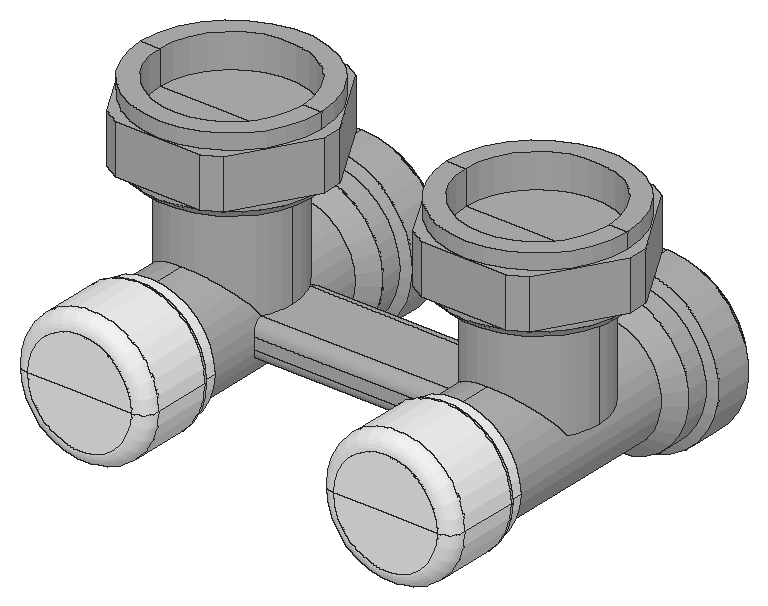
Revit family "VG_Арматура_УзелНижнегоПодключенияРадиаторов_H-образныйУгловой_VG-606201_VALOGIN", category Арматура трубопроводов, Revit 2019
Family settings
  Размер круглого соединителя = Использовать диаметр
  Тип детали = Нормальный
  На основе рабочей плоскости = Нет
  Всегда вертикально = Да
  При загрузке вырезать с полостями = Нет
  Общий = Нет
Parameters
  Средний полный срок службы = "20 лет"  # constant formula
  Размер_Отступ присоединения_Снизу_Доп [instance] = if(and(Размер_Отступ присоединения_Снизу > -10 mm, Размер_Отступ присоединения_Снизу < 0 mm), 27.8 mm + Размер_Отступ присоединения_Снизу, if(and(Размер_Отступ присоединения_Снизу < 10 mm, Размер_Отступ присоединения_Снизу > 0 mm), 27.8 mm + Размер_Отступ присоединения_Снизу, 27.8 mm))  # 27.8 mm
  Размер_Отступ присоединения_Снизу [instance] = 0 mm
  Размер_Отступ присоединения_Сверху_Доп [instance] = if(and(Размер_Отступ присоединения_Сверху > -10 mm, Размер_Отступ присоединения_Сверху < 0 mm), 27.2 mm + Размер_Отступ присоединения_Сверху, if(and(Размер_Отступ присоединения_Сверху < 10 mm, Размер_Отступ присоединения_Сверху > 0 mm), 27.2 mm + Размер_Отступ присоединения_Сверху, 27.2 mm))  # 27.2 mm
  Размер_Отступ присоединения_Сверху [instance] = 0 mm
  Размер = "3/4\"В x 3/4\"«евроконус»"  # constant formula
  Пробное давление = 1.5 MPa  # constant formula
  Описание = "Назначение: Н-образные узлы арт. VG-606101 и VG-606201 применяются для подключения отопительных приборов с нижним выходом присоединительных патрубков с соединением типа 3/4\" «евроконус» или\r\nвнутренней резьбой 1/2\" и межосевым расстоянием патрубков 50 мм."  # constant formula
  Номинальное давление = 1.0 MPa  # constant formula
  Максимальный коэффициент пропускной способности = 1.91 m³/h  # constant formula
  Максимальная рабочая температура теплоносителя = 120 °C  # constant formula
  Изготовитель = [ADSK_Завод-изготовитель]  # "VALOGIN"
  Watermark [instance] = "Модели защищены уникальным кодом"
  URL = "https://valogin.technology/"
  BL_Разработано = "support@bimlib.pro"
  BL_Email = "info@valogin.technology"
  BL_BIM library = "https://bimlib.pro/manufacturer/valogin/8883711c-4e92-4f72-b261-fa5834242b0a/"
  ADSK_Расход жидкости [instance] = 0.0 m³/h
  ADSK_Размер_Длина = 82.9 mm  # constant formula
  ADSK_Размер_Диаметр = 20 mm  # constant formula
  ADSK_Размер_Глубина = 27.8 mm  # constant formula
  ADSK_Размер_Высота = 32.7 mm  # constant formula
  ADSK_Потеря давления жидкости [instance] = 0.0 MPa
  ADSK_Наименование краткое = "Узел Н-образный угловой"  # constant formula
  ADSK_Наименование = "Узел Н-образный угловой с вентильными затворами для подключения радиаторов в двухтрубных системах отопления"  # constant formula
  ADSK_Материал = VG_Металл_Серебро_VALOGIN
  ADSK_Масса_Текст = "0.289"  # constant formula
  ADSK_Масса = 0.289  # constant formula
  ADSK_Марка = ADSK_Код изделия  # "VG-606201"
  ADSK_Количество = 1  # constant formula
  ADSK_Код изделия = "VG-606201"  # constant formula
  ADSK_Завод-изготовитель = "VALOGIN"  # constant formula
  ADSK_Единица измерения = "шт."  # constant formula
  ADSK_Группирование = "Радиаторная арматура"  # constant formula
  ADSK_Версия семейства = "v.1.0"  # constant formula
  ADSK_Версия Revit = "2019"  # constant formula
  ADSK_URL страницы изделия = "https://valogin.technology/index.php?route=product/product&search=VG-606201&product_id=714&search=VG-606201"
  ADSK_URL документации изделия = "https://valogin.technology/image/catalog/VG-tehpasport/%D0%A2%D0%B5%D1%85%D0%BF%D0%B0%D1%81%D0%BF%D0%BE%D1%80%D1%82%20%D0%A3%D0%97%D0%9B%D0%AB%20%D0%92%D0%93.606-9.01%D0%9F%D0%A1.pdf"
Reference planes
  plane 1 "По центру (Вперед/Назад)": y = 0
  plane 2: z = 0
  plane 3 "По центру (Влево/Вправо)": x = 0
  plane 4: z = 32.7
  plane 5: x = 25
  plane 6: x = -25
  plane 7: y = 27.8
  plane 8: z = 27.2
  plane 9: z = 3
Forms (mm)
  Revolve 1, solid, material "VG_Металл_Серебро_VALOGIN" <- "ADSK_Материал", detail levels fine
    sketch origin (0, 0, 0) x (1, 0, 0) y (0, 0, 1)
      loop
        line (35.1, 19.7) -> (36.75, 19.7) -> (36.75, 27.2) -> (25, 27.2) -> (25, 3) -> (35.1, 3) -> (35.1, 19.7)
      axis (25, 3) -> (25, 27.2)
    angle from 0 to 360
  Revolve 2, solid, material "VG_Металл_Серебро_VALOGIN" <- "ADSK_Материал", detail levels fine
    sketch origin (0, 0, 0) x (-1, 0, 0) y (0, 0, 1)
      loop
        line (35.1, 19.7) -> (36.75, 19.7) -> (36.75, 27.2) -> (25, 27.2) -> (25, 3) -> (35.1, 3) -> (35.1, 19.7)
      axis (25, 3) -> (25, 27.2)
    angle from 0 to 360
  Revolve 3, solid, material "VG_Металл_Серебро_VALOGIN" <- "ADSK_Материал", detail levels fine
    sketch origin (-25, 0, 0) x (0, 1, 0) y (0, 0, 1)
      loop
        line (13.578, 9.3) -> (-16.5, 9.3) -> (-16.5, 0) -> (27.8, 0) -> (27.8, 12.02) -> (26.6, 13.22) -> (20.5, 13.22) -> (19.651, 11.75) -> (16.3, 11.75) -> (13.578, 9.3)
      axis (27.8, 0) -> (-16.5, 0)
    angle from 0 to 360
  Revolve 4, solid, material "VG_Металл_Серебро_VALOGIN" <- "ADSK_Материал", detail levels fine
    sketch origin (25, 0, 0) x (0, 1, 0) y (0, 0, -1)
      loop
        line (13.578, -9.3) -> (16.3, -11.75) -> (19.651, -11.75) -> (20.5, -13.22) -> (26.6, -13.22) -> (27.8, -12.02) -> (27.8, 0) -> (-16.5, 0) -> (-16.5, -9.3) -> (13.578, -9.3)
      axis (27.8, 0) -> (-16.5, 0)
    angle from 0 to 360
  Extrusion 5, solid, material "VG_Металл_Серебро_VALOGIN" <- "ADSK_Материал", detail levels fine
    sketch origin (0, 0, 0) x (0, 0, 1) y (0, -1, 0)
      loop
        arc (-1, 7) -> (-2.414, 6.414) -> (-3, 5) r 2
        line (-3, 5) -> (-3, -5)
        arc (-3, -5) -> (-2.414, -6.414) -> (-1, -7) r 2
        line (-1, -7) -> (1, -7)
        arc (1, -7) -> (2.414, -6.414) -> (3, -5) r 2
        line (3, -5) -> (3, 5)
        arc (3, 5) -> (2.414, 6.414) -> (1, 7) r 2
        line (1, 7) -> (-1, 7)
    from -25 to 25
Cuts and joins
  joined: Revolve 1, Revolve 2, Revolve 3, Revolve 4, Extrusion 5
Lines and regions (mm)
  reference lines
    curve 1: line (25, 0, 0) -> (25, 0, 27.2)
    curve 2: line (-25, 0, 0) -> (-25, 0, 27.2)
    curve 3: line (-25, 0, 0) -> (-25, 27.8, 0)
    curve 4: line (25, 27.8, 0) -> (25, 0, 0)
  model lines, style "VG_УГО", detail levels coarse+medium
    curve 5: line (-25, 0, 0) -> (25, 0, 0)
    curve 6: line (25, 0, 27.2) -> (25, 0, 0)
    curve 7: line (-25, 0, 0) -> (-25, 0, 27.2)
    curve 8: line (-41.427, 0, 27.2) -> (-8.573, 0, 27.2)
    curve 9: line (25, 0, 0) -> (25, 27.8, 0)
    curve 10: line (-25, 0, 0) -> (-25, 27.8, 0)
    curve 11: line (8.573, 27.8, 0) -> (41.427, 27.8, 0)
    curve 12: line (-8.573, 27.8, 0) -> (-41.427, 27.8, 0)
    curve 13: line (41.427, 0, 27.2) -> (8.573, 0, 27.2)
Dimensions and locks
  "ADSK_Размер_Высота": plane 4 to plane 2
  equal spacing: plane 5, plane 3 "По центру (Влево/Вправо)", plane 6
  locked: plane 5 to plane 6 at 50
  "ADSK_Размер_Глубина": plane 7 to plane 1 "По центру (Вперед/Назад)"
  locked: plane 2 to plane 8 at 27.2
  "Размер_Отступ присоединения_Сверху_Доп": plane 2 to curve 1
  "Размер_Отступ присоединения_Сверху_Доп": plane 2 to curve 2
  "Размер_Отступ присоединения_Снизу_Доп": plane 1 "По центру (Вперед/Назад)" to curve 3
  "Размер_Отступ присоединения_Снизу_Доп": plane 1 "По центру (Вперед/Назад)" to curve 4
  Extrusion 5 sketch curve to Extrusion 5 sketch curve = 14 mm
  locked: Extrusion 5 sketch curve to Extrusion 5 sketch curve at 14
  Extrusion 5 sketch curve to Extrusion 5 sketch curve = 6 mm
  locked: Extrusion 5 sketch curve to Extrusion 5 sketch curve at 6
  locked: plane 9 to plane 2 at 3
  aligned and locked: level to plane 2
  aligned and locked: Revolve 1 sketch curve to plane 5  (x2)
  aligned and locked: plane 5 to nested 1
  aligned and locked: plane 4 to nested 1
  aligned and locked: plane 6 to nested 2
  aligned and locked: plane 4 to nested 2
  aligned and locked: plane 1 "По центру (Вперед/Назад)" to nested 2
  aligned and locked: plane 1 "По центру (Вперед/Назад)" to nested 1
  aligned and locked: plane 6 to nested 3
  aligned and locked: plane 2 to nested 3
  aligned and locked: plane 2 to nested 4
  aligned and locked: plane 5 to nested 4
  aligned and locked: nested 4 to cut or joined group of Revolve 1, Revolve 2, Revolve 3, Revolve 4, Extrusion 5
  aligned and locked: nested 3 to nested 4
  aligned and locked: plane 2 to curve 1
  aligned and locked: plane 2 to curve 2
  aligned and locked: plane 1 "По центру (Вперед/Назад)" to curve 3
  aligned and locked: plane 1 "По центру (Вперед/Назад)" to curve 4
  aligned and locked: plane 2 to curve 4
  aligned and locked: curve 1 to plane 1 "По центру (Вперед/Назад)"
  aligned and locked: curve 11 to curve 9
  aligned and locked: curve 12 to curve 10
  aligned and locked: curve 13 to curve 6
  aligned and locked: curve 8 to curve 2
  aligned and locked: curve 13 to curve 1
  aligned and locked: curve 11 to curve 4
  aligned and locked: curve 12 to curve 3
  aligned and locked: Extrusion 5 to plane 6
  aligned and locked: plane 5 to Extrusion 5
  aligned and locked: cut or joined group of Revolve 1, Revolve 2, Revolve 3, Revolve 4, Extrusion 5 to plane 9
  aligned and locked: plane 9 to Revolve 1
Automatic sketch dimensions
  Revolve 3 sketch curve to level = 0 mm  (x2)
  Revolve 3 sketch curve to plane 7 = 0 mm
  Revolve 3 sketch curve to plane 7 = 1.2 mm
  Revolve 3 sketch curve to Revolve 3 sketch curve = 6.1 mm
  Revolve 3 sketch curve to Revolve 3 sketch curve = 0.849 mm
  Revolve 3 sketch curve to Revolve 3 sketch curve = 3.351 mm
  Revolve 3 sketch curve to Revolve 3 sketch curve = 2.722 mm
  plane 1 "По центру (Вперед/Назад)" to Revolve 3 sketch curve = 16.5 mm
  level to Revolve 3 sketch curve = 9.3 mm
  Revolve 3 sketch curve to Revolve 3 sketch curve = 2.45 mm
  Revolve 3 sketch curve to Revolve 3 sketch curve = 0.27 mm
  Revolve 3 sketch curve to Revolve 3 sketch curve = 1.2 mm
  Revolve 3 sketch curve to Revolve 3 sketch curve = 2491.268 mm
  plane 7 to Revolve 3 sketch curve = 1594.044 mm
  Revolve 4 sketch curve to level = 0 mm  (x2)
  Revolve 4 sketch curve to plane 7 = 0 mm
  Revolve 4 sketch curve to plane 7 = 1.2 mm
  Revolve 4 sketch curve to Revolve 4 sketch curve = 6.1 mm
  Revolve 4 sketch curve to Revolve 4 sketch curve = 0.849 mm
  Revolve 4 sketch curve to Revolve 4 sketch curve = 3.351 mm
  Revolve 4 sketch curve to Revolve 4 sketch curve = 2.722 mm
  plane 1 "По центру (Вперед/Назад)" to Revolve 4 sketch curve = 16.5 mm
  level to Revolve 4 sketch curve = 9.3 mm
  Revolve 4 sketch curve to Revolve 4 sketch curve = 2.45 mm
  Revolve 4 sketch curve to Revolve 4 sketch curve = 0.27 mm
  Revolve 4 sketch curve to Revolve 4 sketch curve = 1.47 mm
  Revolve 4 sketch curve to Revolve 4 sketch curve = 2491.268 mm
  plane 7 to Revolve 4 sketch curve = 1594.044 mm
  curve 5 to level = 0 mm
  curve 5 to plane 6 = 0 mm
  curve 5 to plane 5 = 0 mm
  curve 8 to plane 6 = 16.427 mm
  curve 8 to plane 3 "По центру (Влево/Вправо)" = 8.573 mm
  plane 3 "По центру (Влево/Вправо)" to curve 13 = 8.573 mm
  curve 6 to curve 13 = 16.427 mm
  plane 1 "По центру (Вперед/Назад)" to curve 10 = 0 mm
  curve 10 to plane 6 = 0 mm
  curve 9 to plane 5 = 0 mm
  plane 1 "По центру (Вперед/Назад)" to curve 9 = 0 mm
  curve 12 to plane 6 = 16.427 mm
  curve 12 to plane 3 "По центру (Влево/Вправо)" = 8.573 mm
  plane 3 "По центру (Влево/Вправо)" to curve 11 = 8.573 mm
  curve 9 to curve 11 = 16.427 mm
  level to Revolve 1 sketch curve = 3 mm
  Revolve 1 sketch curve to plane 8 = 0 mm
  Revolve 1 sketch curve to Revolve 1 sketch curve = 10.1 mm
  Revolve 1 sketch curve to Revolve 1 sketch curve = 1.65 mm
  Revolve 1 sketch curve to Revolve 1 sketch curve = 7.5 mm
  Revolve 1 sketch curve to level = 106.975 mm
  plane 4 to Revolve 1 sketch curve = 117.51 mm
  Revolve 2 sketch curve to plane 6 = 0 mm  (x2)
  Revolve 2 sketch curve to level = 3 mm
  Revolve 2 sketch curve to plane 8 = 0 mm
  plane 6 to Revolve 2 sketch curve = 10.1 mm
  Revolve 2 sketch curve to Revolve 2 sketch curve = 1.65 mm
  plane 8 to Revolve 2 sketch curve = 7.5 mm
  level to Revolve 2 sketch curve = 106.975 mm
  Revolve 2 sketch curve to plane 4 = 117.51 mm
  Extrusion 5 sketch curve to level = 3 mm
  Extrusion 5 sketch curve to level = 1 mm  (x2)
  level to Extrusion 5 sketch curve = 1 mm
  curve 2 to plane 6 = 0 mm
  curve 1 to plane 5 = 0 mm
  curve 3 to plane 6 = 0 mm
  curve 4 to plane 5 = 0 mm
Nested families
  nested 1: "VG_Вл-3D_НакиднаяГайка_VALOGIN" at (25, 0, 19.7), ADSK_Материал <- "ADSK_Материал", type "VG_Вл-3D_НакиднаяГайка_VALOGIN", detail levels fine
    with ADSK_Материал VG_Металл_Серебро_VALOGIN
  nested 2: "VG_Вл-3D_НакиднаяГайка_VALOGIN" at (-25, 0, 19.7), ADSK_Материал <- "ADSK_Материал", type "VG_Вл-3D_НакиднаяГайка_VALOGIN", detail levels fine
    with ADSK_Материал VG_Металл_Серебро_VALOGIN
  nested 3: "VG_Вл-3D_ДекоративныйКолпачек_VALOGIN" at (-25, -16.5, 0), type "VG_Вл-3D_ДекоративныйКолпачек_VALOGIN", detail levels fine
    with ADSK_Материал VG_Пластик_Белый_VALOGIN
  nested 4: "VG_Вл-3D_ДекоративныйКолпачек_VALOGIN" at (25, -16.5, 0), type "VG_Вл-3D_ДекоративныйКолпачек_VALOGIN", detail levels fine
    with ADSK_Материал VG_Пластик_Белый_VALOGIN
Connectors
  piping at (-25, 0, 27.2), diameter 20, driven by "ADSK_Размер_Диаметр", driven by "ADSK_Расход жидкости", driven by "ADSK_Потеря давления жидкости"
    settings: on curve 2, index 1, connector inside diameter 609.6 mm, connector length 0 mm, flow factor 0, pipe flow 0.0 m³/h, pressure drop 0.0 MPa, fitting loss kfactor 0, connector angle 0.00°, fixture units 0, engagement length 0 mm, angle of deflection 0.00°, flow configuration 0, flow direction 0, fitting loss method 0, system type 28, joint type 0, gender type 0, connector reference index 4, connector utility 0, adjustable connector no, is connector primary yes, connector description ""
  piping at (25, 0, 27.2), diameter 20, driven by "ADSK_Размер_Диаметр", driven by "ADSK_Расход жидкости"
    settings: on curve 1, index 2, connector inside diameter 609.6 mm, connector length 0 mm, flow factor 0, pipe flow 0.0 m³/h, pressure drop 0.0 MPa, fitting loss kfactor 0, connector angle 0.00°, fixture units 0, engagement length 0 mm, angle of deflection 0.00°, flow configuration 0, flow direction 0, fitting loss method 0, system type 28, joint type 0, gender type 0, connector reference index 3, connector utility 0, adjustable connector no, is connector primary no, connector description ""
  piping at (25, 27.8, 0), diameter 20, driven by "ADSK_Размер_Диаметр", driven by "ADSK_Расход жидкости"
    settings: on curve 4, index 3, connector inside diameter 609.6 mm, connector length 0 mm, flow factor 0, pipe flow 0.0 m³/h, pressure drop 0.0 MPa, fitting loss kfactor 0, connector angle 0.00°, fixture units 0, engagement length 0 mm, angle of deflection 0.00°, flow configuration 0, flow direction 0, fitting loss method 0, system type 28, joint type 0, gender type 0, connector reference index 2, connector utility 0, adjustable connector no, is connector primary no, connector description ""
  piping at (-25, 27.8, 0), diameter 20, driven by "ADSK_Размер_Диаметр", driven by "ADSK_Расход жидкости"
    settings: on curve 3, index 4, connector inside diameter 609.6 mm, connector length 0 mm, flow factor 0, pipe flow 0.0 m³/h, pressure drop 0.0 MPa, fitting loss kfactor 0, connector angle 0.00°, fixture units 0, engagement length 0 mm, angle of deflection 0.00°, flow configuration 0, flow direction 0, fitting loss method 0, system type 28, joint type 0, gender type 0, connector reference index 1, connector utility 0, adjustable connector no, is connector primary no, connector description ""
Definition of nested family "VG_Вл-3D_НакиднаяГайка_VALOGIN"
  Parameters (values of type "VG_Вл-3D_НакиднаяГайка_VALOGIN")
    Manufacturer = "VALOGIN"
    URL = "https://valogin.technology/"
    ADSK_Размер_Ширина = 30 mm
    ADSK_Размер_Диаметр = 20 mm
    ADSK_Размер_Глубина = 30 mm
    ADSK_Размер_Высота = 13 mm
    ADSK_Материал [instance] = none
  Reference planes
    plane 1 "По центру (Вперед/Назад)": y = 0
    plane 2: z = 0
    plane 3 "По центру (Влево/Вправо)": x = 0
    plane 4: x = -15
    plane 5: x = 15
    plane 6: y = 15
    plane 7: y = -15
    plane 8: z = 13
    plane 9: z = 10.5
    plane 10: z = 2.5
  Forms (mm)
    Extrusion 1, solid, material <- "ADSK_Материал"
      sketch origin (0, 0, 0) x (1, 0, 0) y (0, 1, 0)
        loop
          line (-16.427, 1.547) -> (-16.427, -1.547) -> (-9.553, -13.453) -> (-6.874, -15) -> (6.874, -15) -> (9.553, -13.453) -> (16.427, -1.547) -> (16.427, 1.547) -> (9.553, 13.453) -> (6.874, 15) -> (-6.874, 15) -> (-9.553, 13.453) -> (-16.427, 1.547)
        loop
          circle (0, 0) r 11.75
      from 2.5 to 10.5
    Revolve 2, solid, material <- "ADSK_Материал"
      sketch origin (0, 0, 0) x (1, 0, 0) y (0, 0, 1)
        loop
          line (-11.75, 13) -> (-14.75, 13) -> (-14.75, 1.5) -> (-13.25, 0) -> (-11.75, 0) -> (-11.75, 13)
        axis (0, 13) -> (0, 0)
      angle from 0 to 360
  Cuts and joins
    joined: Extrusion 1, Revolve 2
  Dimensions and locks
    equal spacing: plane 4, plane 3 "По центру (Влево/Вправо)", plane 5
    "ADSK_Размер_Ширина": plane 4 to plane 5
    equal spacing: plane 6, plane 1 "По центру (Вперед/Назад)", plane 7
    "ADSK_Размер_Глубина": plane 6 to plane 7
    "ADSK_Размер_Высота": plane 8 to plane 2
    plane 8 to plane 9 to plane 10 to plane 2 = 2.5 mm locked, 8 mm locked, 2.5 mm locked
    aligned and locked: level to plane 2
    aligned and locked: plane 9 to Extrusion 1
    aligned and locked: Extrusion 1 to plane 10
    aligned and locked: Revolve 2 sketch curve to plane 3 "По центру (Влево/Вправо)"
  Automatic sketch dimensions
    Extrusion 1 sketch curve to plane 7 = 0 mm
    Extrusion 1 sketch curve to plane 6 = 0 mm
    plane 1 "По центру (Вперед/Назад)" to Extrusion 1 sketch curve = 0 mm
    Extrusion 1 sketch curve to plane 3 "По центру (Влево/Вправо)" = 0 mm
    Extrusion 1 sketch curve to plane 3 "По центру (Влево/Вправо)" = 6.874 mm  (x2)
    Extrusion 1 sketch curve to plane 6 = 1.547 mm  (x2)
    Extrusion 1 sketch curve to Extrusion 1 sketch curve = 2.68 mm  (x4)
    plane 7 to Extrusion 1 sketch curve = 1.547 mm  (x2)
    Extrusion 1 sketch curve to plane 4 = 1.427 mm
    plane 3 "По центру (Влево/Вправо)" to Extrusion 1 sketch curve = 6.874 mm  (x2)
    plane 5 to Extrusion 1 sketch curve = 1.427 mm
    plane 1 "По центру (Вперед/Назад)" to Extrusion 1 sketch curve = 1.547 mm  (x2)
    Extrusion 1 sketch curve to plane 1 "По центру (Вперед/Назад)" = 1.547 mm  (x2)
    Revolve 2 sketch curve to plane 8 = 0 mm
    Revolve 2 sketch curve to level = 0 mm
    Revolve 2 sketch curve to Revolve 2 sketch curve = 1.5 mm
    plane 4 to Revolve 2 sketch curve = 0.25 mm
    Revolve 2 sketch curve to plane 10 = 1 mm
    Revolve 2 sketch curve to level = 366.045 mm
    plane 8 to Revolve 2 sketch curve = 2201.315 mm
    plane 4 to Revolve 2 sketch curve = 1.75 mm
    radius of Extrusion 1 sketch curve = 11.75 mm
Definition of nested family "VG_Вл-3D_ДекоративныйКолпачек_VALOGIN"
  Parameters (values of type "VG_Вл-3D_Заглушка_VALOGIN")
    Manufacturer = "VALOGIN"
    URL = "https://valogin.technology/"
    ADSK_Размер_Глубина = 14.5 mm
    ADSK_Материал [instance] = none
  Reference planes
    plane 1 "По центру (Вперед/Назад)": y = 0
    plane 2: z = 0
    plane 3 "По центру (Влево/Вправо)": x = 0
    plane 4: y = -14.5
  Forms (mm)
    Revolve 1, solid, material <- "ADSK_Материал"
      sketch origin (0, 0, 0) x (1, 0, 0) y (0, 1, 0)
        loop
          line (-10.4, 0) -> (-10.4, -2)
          arc (-10.4, -2) -> (-10.824, -2.176) -> (-11, -2.6) r 0.6
          line (-11, -2.6) -> (-11, -12)
          arc (-11, -12) -> (-10.268, -13.768) -> (-8.5, -14.5) r 2.5
          line (-8.5, -14.5) -> (0, -14.5) -> (0, 0) -> (-10.4, 0)
        axis (0, 0) -> (0, -14.5)
      angle from 0 to 360
  Dimensions and locks
    "ADSK_Размер_Глубина": plane 4 to plane 1 "По центру (Вперед/Назад)"
    aligned and locked: level to plane 2
    aligned and locked: Revolve 1 sketch curve to plane 3 "По центру (Влево/Вправо)"
  Automatic sketch dimensions
    plane 1 "По центру (Вперед/Назад)" to Revolve 1 sketch curve = 0 mm
    Revolve 1 sketch curve to plane 3 "По центру (Влево/Вправо)" = 0 mm
    Revolve 1 sketch curve to plane 4 = 0 mm
    Revolve 1 sketch curve to Revolve 1 sketch curve = 8.5 mm
    Revolve 1 sketch curve to plane 3 "По центру (Влево/Вправо)" = 10.4 mm
    Revolve 1 sketch curve to Revolve 1 sketch curve = 0.6 mm
    plane 1 "По центру (Вперед/Назад)" to Revolve 1 sketch curve = 2.6 mm
    Revolve 1 sketch curve to plane 4 = 1985.5 mm
    Revolve 1 sketch curve to plane 1 "По центру (Вперед/Назад)" = 2000 mm
